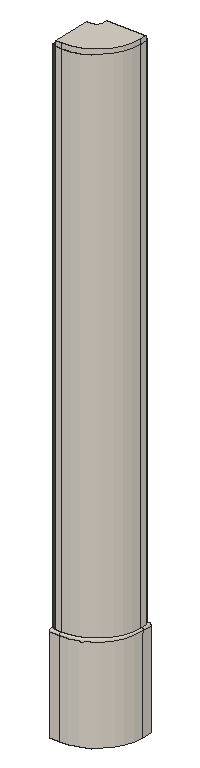
Revit family
Parameters (values of type "32"H 2-Way")
  URL = "http://www.hermanmiller.com/"
  Type Comments = ""
  Trim/Top Cap Finish [instance] = Herman Miller - Finish WL Sandstone
  Surface Finish [instance] = Herman Miller - Finish WL Sandstone
  Product Documentation Link = "http://www.hermanmiller.com/actionoffice/"
  OmniClass Title = "Systems Furniture"  # constant formula
  OmniClass Number = "23.40.70.14.64.21"  # constant formula
  Model = "A8220.32H"
  Manufacturer = "Herman Miller, Inc."  # constant formula
  Glide Height [instance] = 0' - 0 3/8"
  Keynote = ""
  Description = "Conn 2-Way 90 Deg Thin Base Hard 32H"
  Copyright © = "Copyright © Herman Miller, Inc."  # constant formula
  Connector Type = HermanMiller_ActionOffice_A8220_90ConnectorThinBase_2-Way : 32"H 2-Way
  Connector Thickness = 0' - 2"  # constant formula
  Connector Height = 2' - 8"
  Catalog = "Action Office System (HAO)"  # constant formula
  Cable Management Finish [instance] = Herman Miller - Finish WL Sandstone
  Assembly Code = "E2020200"
Reference planes (in)
  plane 1 "Center (Front/Back)": y = 0.32146
  plane 2 "Bottom": z = 0.375
  plane 3 "Wall Left": x = -0.75
  plane 4 "Wall Right": x = 1.25
  plane 5 "Wall Back": y = 1.32146
  plane 6 "Top": z = 32.375
  plane 7 "Base Face Top": z = 4.875
  plane 8 "Back": y = 2.07144
  plane 9 "Center Left/Right": x = 0.25
  plane 10 "Base Top": z = 5.375
  plane 11 "Left": x = -1.5
  plane 12 "Base Right": x = 1.75
  plane 13 "Wall Front": y = -0.67854
  plane 14 "Base Front": y = -1.17856
  plane 15 "Reveal Left": x = -0.6875
  plane 16 "Reveal Right": x = 1.1875
  plane 17 "Left Lip Inside Back": y = 1.25894
  plane 18 "Left Lip Inside Front": y = -0.61606
  plane 19 "Inside Back": x = -1.25
  plane 20 "Reveal Back Inset": y = 1.88394
  plane 21 "Reveal Left Inside": x = -0.999
  plane 22 "Reveal Back Inside": y = 1.57144
  plane 23 "Base Back": y = 1.82144
  plane 24 "Left Trim Lip": x = -1.3125
  plane 25 "Top Cap Bottom": z = 32.125
  plane 26 "Reveal Right Inside": x = 1.499
  plane 27 "Right": x = 2
  plane 28 "Reveal Front Inset": y = -1.24101
  plane 29 "Reveal Front Inside": y = -0.92851
  plane 30 "Front": y = -1.42851
Dimensions and locks (in)
  equal spacing: plane 5 "Wall Back", plane 1 "Center (Front/Back)", plane 13 "Wall Front"
  "Connector Thickness": plane 5 "Wall Back" to plane 13 "Wall Front"
  locked: plane 4 "Wall Right" to plane 12 "Base Right" at 0.5
  equal spacing: plane 3 "Wall Left", plane 9 "Center Left/Right", plane 4 "Wall Right"
  "Connector Thickness": plane 3 "Wall Left" to plane 4 "Wall Right"
  locked: plane 10 "Base Top" to plane 7 "Base Face Top" at 0.5
  plane 11 "Left" to plane 3 "Wall Left" = 0' - 0 3/4"
  locked: plane 10 "Base Top" to plane 2 "Bottom" at 5
  locked: plane 19 "Inside Back" to plane 3 "Wall Left" at 0.5
  locked: plane 3 "Wall Left" to plane 15 "Reveal Left" at 0.0625
  locked: plane 20 "Reveal Back Inset" to plane 8 "Back" at 0.1875
  plane 11 "Left" to plane 19 "Inside Back" = 0' - 0 1/4"
  locked: plane 5 "Wall Back" to plane 17 "Left Lip Inside Back" at 0.06253
  locked: plane 13 "Wall Front" to plane 18 "Left Lip Inside Front" at 0.06248
  locked: plane 16 "Reveal Right" to plane 4 "Wall Right" at 0.0625
  locked: plane 13 "Wall Front" to plane 14 "Base Front" at 0.50002
  locked: plane 5 "Wall Back" to plane 8 "Back" at 0.74998
  locked: plane 23 "Base Back" to plane 8 "Back" at 0.25
  locked: plane 24 "Left Trim Lip" to plane 19 "Inside Back" at 0.0625
  locked: plane 6 "Top" to plane 25 "Top Cap Bottom" at 0.25
  plane 7 "Base Face Top" to plane 10 "Base Top" = 0' - 0 1/2"
  "Connector Height": plane 6 "Top" to plane 2 "Bottom"
  locked: plane 21 "Reveal Left Inside" to plane 3 "Wall Left" at 0.249
  locked: plane 4 "Wall Right" to plane 26 "Reveal Right Inside" at 0.249
  "Glide Height": plane 2 "Bottom" to level
  locked: plane 13 "Wall Front" to plane 30 "Front" at 0.74998
  locked: plane 28 "Reveal Front Inset" to plane 14 "Base Front" at 0.06245
  locked: plane 29 "Reveal Front Inside" to plane 13 "Wall Front" at 0.24998
  aligned and locked: plane 6 "Top" to nested 1
  aligned and locked: plane 1 "Center (Front/Back)" to nested 1
  aligned and locked: plane 9 "Center Left/Right" to nested 1
Nested families (in)
  nested 1: "HermanMiller_ActionOffice_A8220_90ConnectorThinBase_2-Way" at (0, 0, 0), type <- "Connector Type", type "32"H 2-Way"
Definition of nested family "HermanMiller_ActionOffice_A8220_90ConnectorThinBase_2-Way"
  Parameters (values of type "32"H 2-Way")
    URL = "http://www.hermanmiller.com/"
    Type Comments = ""
    Trim/Top Cap Finish = Herman Miller - Finish WL Sandstone
    Surface Finish = Herman Miller - Finish WL Sandstone
    Product Documentation Link = "http://www.hermanmiller.com/actionoffice"
    OmniClass Title = "Systems Furniture"  # constant formula
    OmniClass Code = "23.40.70.14.64.21"  # constant formula
    Model = "A8220.32H"
    Manufacturer = "Herman Miller, Inc."  # constant formula
    Glide Height = 0' - 0 3/8"
    Keynote = ""
    Description = "Conn 2-Way 90 Deg Thin Base Hard 32H"
    Copyright © = "Copyright © Herman Miller, Inc."  # constant formula
    Connector Thickness = 0' - 2"  # constant formula
    Connector Height = 2' - 8"
    Catalog = "Action Office System (HAO)"  # constant formula
    Cable Management Finish = Herman Miller - Finish WL Sandstone
    Assembly Code = "E2020200"
  Reference planes (in)
    plane 1 "Center (Front/Back)": y = 0.32146
    plane 2 "Bottom": z = 0.375
    plane 3 "Wall Left": x = -0.75
    plane 4 "Wall Right": x = 1.25
    plane 5 "Wall Back": y = 1.32146
    plane 6 "Top": z = 32.375
    plane 7 "Base Face Top": z = 5.25
    plane 8 "Back": y = 2.07144
    plane 9 "Center Left/Right": x = 0.25
    plane 10 "Base Top": z = 5.375
    plane 11 "Left": x = -1.5
    plane 12 "Base Right": x = 1.375
    plane 13 "Front": y = -0.67854
    plane 14 "Base Front": y = -0.80356
    plane 15 "Reveal Left": x = -0.6875
    plane 16 "Reveal Right": x = 1.1875
    plane 17 "Left Lip Inside Back": y = 1.25894
    plane 18 "Left Lip Inside Front": y = -0.61606
    plane 19 "Inside Back": x = -0.875
    plane 20 "Reveal Back Inset": y = 1.88394
    plane 21 "Reveal Left Inside": x = -0.999
    plane 22 "Reveal Back Inside": y = 1.57144
    plane 23 "Inside Left": y = 1.44644
    plane 24 "Left Trim Lip": x = -1.3125
    plane 25 "Top Cap Bottom": z = 32.125
    plane 26 "Left Reveal Inset": x = -1.125
    plane 27 "Back Reveal Inset": y = 1.69644
  Forms (in)
    Extrusion 1, solid, material "Herman Miller - Finish BK Black", detail levels medium+fine
      sketch origin (0, 0, 0) x (1, 0, 0) y (0, 1, 0)
        loop
          line (-0.6875, 2.07144) -> (-0.6875, 1.69644) -> (1.1875, 1.69644) -> (1.1875, 2.07144) -> (-0.6875, 2.07144)
        loop
          line (-1.5, 1.25894) -> (-1.5, -0.61606) -> (-1.125, -0.61606) -> (-1.125, 1.25894) -> (-1.5, 1.25894)
      from 5.375 to 32.125
    Extrusion 2, solid, material "Herman Miller - Finish WL Sandstone" <- "Surface Finish"
      sketch origin (0, 0, 0) x (1, 0, 0) y (0, 1, 0)
        loop
          line (-1.3125, 1.32146) -> (-1.3125, 1.25894) -> (-1.125, 1.25894) -> (-1.125, -0.61606) -> (-1.3125, -0.61606) -> (-1.3125, -0.67854) -> (-0.999, -0.67854)
          arc (-0.999, -0.67854) -> (0.59128, -0.01982) -> (1.25, 1.57047) r 2.249
          line (1.25, 1.57047) -> (1.25, 1.88394) -> (1.1875, 1.88394) -> (1.1875, 1.69644) -> (-0.6875, 1.69644) -> (-0.6875, 1.88394) -> (-0.75, 1.88394) -> (-0.75, 1.57047)
          arc (-0.75, 1.57047) -> (-0.82293, 1.3944) -> (-0.999, 1.32146) r 0.249
          line (-0.999, 1.32146) -> (-1.3125, 1.32146)
      from 5.25 to 32.125
    Sweep 3, solid, material "Herman Miller - Finish WL Sandstone" <- "Cable Management Finish"
      path origin (0, 0, 0) x (1, 0, 0) y (0, 1, 0)
        loop
          line (-0.875, 2.07144) -> (-0.875, 1.57047)
          arc (-0.875, 1.57047) -> (-0.91132, 1.48278) -> (-0.999, 1.44646) r 0.124
          line (-0.999, 1.44646) -> (-1.5, 1.44646)
      profile origin (-0.875, 1.57047, 0) x (1, 0, 0) y (0, 0, 1)
        loop
          line (0, 0.375) -> (2.25, 0.375) -> (2.25, 5.25)
          arc (2.25, 5.25) -> (2.21339, 5.33839) -> (2.125, 5.375) r 0.125
          line (2.125, 5.375) -> (0.125, 5.375)
          arc (0.125, 5.375) -> (0.03661, 5.33839) -> (0, 5.25) r 0.125
          line (0, 5.25) -> (0, 0.375)
    Extrusion 4, solid, material "Herman Miller - Finish WL Sandstone" <- "Trim/Top Cap Finish", detail levels medium+fine
      sketch origin (0, 0, 0) x (1, 0, 0) y (0, 1, 0)
        loop
          line (-1.3125, 1.32146) -> (-1.3125, -0.67854) -> (-0.999, -0.67854)
          arc (-0.999, -0.67854) -> (0.59128, -0.01982) -> (1.25, 1.57047) r 2.249
          line (1.25, 1.57047) -> (1.25, 1.88394) -> (-0.75, 1.88394) -> (-0.75, 1.57047)
          arc (-0.75, 1.57047) -> (-0.82293, 1.3944) -> (-0.999, 1.32146) r 0.249
          line (-0.999, 1.32146) -> (-1.3125, 1.32146)
      from 32.125 to 32.375
  Lines and regions (in)
    Masking region 1
      outline origin (0.25, 0, 0) x (0, 0, -1) y (0, 1, 0)
        loop
          arc (-5.375, -0.67854) -> (-5.33839, -0.76692) -> (-5.25, -0.80356) r 0.125
          line (-5.25, -0.80356) -> (-0.375, -0.80356) -> (-0.375, 2.07144) -> (-32.375, 2.07144) -> (-32.375, -0.67854) -> (-5.375, -0.67854)
    Masking region 2, detail levels medium+fine
      outline origin (0, 0, 0) x (1, 0, 0) y (0, 1, 0)
        loop
          line (1.375, 2.07144) -> (-0.875, 2.07144) -> (-0.875, 1.57044)
          arc (-0.875, 1.57044) -> (-0.91132, 1.48276) -> (-0.999, 1.44644) r 0.124
          line (-0.999, 1.44644) -> (-1.5, 1.44644) -> (-1.5, -0.80356) -> (-0.999, -0.80356)
          arc (-0.999, -0.80356) -> (0.67967, -0.10723) -> (1.375, 1.57144) r 2.374
          line (1.375, 1.57144) -> (1.375, 2.07144)
    Masking region 3
      outline origin (0, 0, 0) x (1, 0, 0) y (0, 1, 0)
        loop
          line (-0.999, 1.32146) -> (-1.5, 1.32146) -> (-1.5, -0.67854) -> (-0.999, -0.67854)
          arc (-0.999, -0.67854) -> (0.59128, -0.01982) -> (1.25, 1.57047) r 2.249
          line (1.25, 1.57047) -> (1.25, 2.07144) -> (-0.75, 2.07144) -> (-0.75, 1.57047)
          arc (-0.75, 1.57047) -> (-0.82293, 1.3944) -> (-0.999, 1.32146) r 0.249
    Masking region 4, detail levels fine
      outline origin (0, 0, 0) x (1, 0, 0) y (0, 1, 0)
        loop
          line (-0.75, 1.88394) -> (1.25, 1.88394) -> (1.25, 2.07144) -> (-0.75, 2.07144) -> (-0.75, 1.88394)
        loop
          line (-1.5, 1.32146) -> (-1.5, -0.67854) -> (-1.3125, -0.67854) -> (-1.3125, 1.32146) -> (-1.5, 1.32146)
    Masking region 5
      outline origin (0, 0.32146, 0) x (1, 0, 0) y (0, 0, 1)
        loop
          line (-1.5, 32.375) -> (-1.5, 0.375) -> (1.375, 0.375) -> (1.375, 5.25)
          arc (1.375, 5.25) -> (1.33839, 5.33839) -> (1.25, 5.375) r 0.125
          line (1.25, 5.375) -> (1.25, 32.375) -> (-1.5, 32.375)
    symbolic lines, style "Connector", detail levels medium+fine
      curve 1: line (-0.75, 2.07144, 32.125) -> (-0.75, 2.07144, 5.375)
      curve 9: line (-1.5, 1.32146, 32.125) -> (-1.5, 1.32146, 5.375)
      curve 10: line (1.375, -0.67854, 5.375) -> (1.375, 2.07144, 5.375)
      curve 11: line (1.25, -0.67854, 5.375) -> (-1.5, -0.67854, 5.375)
      curve 12: line (-1.5, 2.07144, 5.375) -> (-1.5, 1.32146, 5.375)
      curve 15: line (-1.5, 2.07144, 5.375) -> (-0.75, 2.07144, 5.375)
      curve 18: line (-1.5, -0.67854, 32.125) -> (1.25, -0.67854, 32.125)
      curve 20: line (1.375, -0.67797, 32.125) -> (1.375, 2.07144, 32.125)
    symbolic lines, style "Connector", detail levels fine
      curve 2: line (-0.875, 2.07144, 0.375) -> (-0.875, 2.07144, 5.25)
      curve 3: line (-0.6875, 2.07144, 32.125) -> (-0.6875, 2.07144, 5.375)
      curve 4: line (1.1875, 2.07144, 5.375) -> (1.1875, 2.07144, 32.125)
      curve 5: line (-1.5, 1.88394, 32.125) -> (-1.5, 1.88394, 5.375)
      curve 6: line (-1.5, 1.44644, 0.375) -> (-1.5, 1.44644, 5.2475)
      curve 7: line (-1.5, 1.25894, 32.375) -> (-1.5, 1.25894, 5.375)
      curve 8: line (-1.5, -0.61606, 5.375) -> (-1.5, -0.61606, 32.375)
      curve 13: line (-1.3125, 2.07144, 32.125) -> (-1.3125, 2.07144, 5.375)
      curve 14: arc (-0.75, 2.07144, 5.375) -> (-0.83839, 2.07144, 5.33839) -> (-0.875, 2.07144, 5.25) r 0.125
      curve 16: line (-1.5, -0.61606, 32.125) -> (-1.5, -0.67854, 32.125)
      curve 17: line (1.1875, 2.07144, 32.125) -> (1.25, 2.07144, 32.125)
      curve 19: line (-0.75, 0.32146, 32.125) -> (-0.6875, 0.32146, 32.125)
      curve 21: line (1.375, 1.25894, 32.125) -> (1.375, 1.32146, 32.125)
      curve 22: arc (-1.5, 1.32146, 5.375) -> (-1.5, 1.41073, 5.3375) -> (-1.5, 1.44644, 5.2475) r 0.125
  Dimensions and locks (in)
    equal spacing: plane 5 "Wall Back", plane 1 "Center (Front/Back)", plane 13 "Front"
    "Connector Thickness": plane 5 "Wall Back" to plane 13 "Front"
    equal spacing: plane 3 "Wall Left", plane 9 "Center Left/Right", plane 4 "Wall Right"
    "Connector Thickness": plane 3 "Wall Left" to plane 4 "Wall Right"
    plane 11 "Left" to plane 3 "Wall Left" = 0' - 0 3/4"
    plane 10 "Base Top" to plane 2 "Bottom" = 0' - 5"
    locked: plane 3 "Wall Left" to plane 15 "Reveal Left" at 0.0625
    locked: plane 20 "Reveal Back Inset" to plane 8 "Back" at 0.1875
    locked: plane 5 "Wall Back" to plane 17 "Left Lip Inside Back" at 0.06253
    locked: plane 13 "Front" to plane 18 "Left Lip Inside Front" at 0.06248
    locked: plane 16 "Reveal Right" to plane 4 "Wall Right" at 0.0625
    locked: plane 5 "Wall Back" to plane 8 "Back" at 0.74998
    locked: plane 6 "Top" to plane 25 "Top Cap Bottom" at 0.25
    plane 7 "Base Face Top" to plane 10 "Base Top" = 0' - 0 1/8"
    "Connector Height": plane 6 "Top" to plane 2 "Bottom"
    "Glide Height": plane 2 "Bottom" to level
    plane 11 "Left" to plane 24 "Left Trim Lip" = 0' - 0 3/16"  (x2)
    locked: plane 8 "Back" to plane 22 "Reveal Back Inside" at 0.5
    plane 21 "Reveal Left Inside" to plane 3 "Wall Left" = 0' - 0.249"
    locked: plane 19 "Inside Back" to plane 3 "Wall Left" at 0.125
    locked: plane 4 "Wall Right" to plane 12 "Base Right" at 0.125
    locked: plane 13 "Front" to plane 14 "Base Front" at 0.12502
    locked: plane 23 "Inside Left" to plane 5 "Wall Back" at 0.12498
    locked: plane 11 "Left" to plane 26 "Left Reveal Inset" at 0.375
    locked: plane 27 "Back Reveal Inset" to plane 8 "Back" at 0.375
    aligned and locked: plane 2 "Bottom" to Masking region 1
    aligned and locked: curve 1 to plane 3 "Wall Left"
    aligned and locked: plane 4 "Wall Right" to curve 11
    aligned and locked: Masking region 1 sketch curve to plane 6 "Top"
    aligned and locked: plane 10 "Base Top" to curve 3
    aligned and locked: plane 19 "Inside Back" to curve 14
    aligned and locked: curve 11 to plane 10 "Base Top"
    aligned and locked: plane 10 "Base Top" to curve 14
    aligned and locked: curve 15 to plane 10 "Base Top"
    aligned and locked: plane 10 "Base Top" to curve 4
    aligned and locked: plane 19 "Inside Back" to curve 2
    aligned and locked: plane 4 "Wall Right" to curve 17
    aligned and locked: plane 2 "Bottom" to curve 6
    aligned and locked: plane 13 "Front" to curve 16
    aligned and locked: plane 6 "Top" to curve 8
    aligned and locked: plane 6 "Top" to curve 7
    aligned and locked: curve 18 to curve 17
    aligned and locked: curve 19 to curve 1
    aligned and locked: curve 18 to curve 19
    aligned and locked: curve 21 to plane 25 "Top Cap Bottom"
    aligned and locked: plane 25 "Top Cap Bottom" to curve 20
    aligned and locked: Masking region 1 to plane 6 "Top"
    aligned and locked: plane 5 "Wall Back" to curve 9
    aligned and locked: plane 25 "Top Cap Bottom" to curve 9
    aligned and locked: plane 25 "Top Cap Bottom" to curve 5
    aligned and locked: plane 6 "Top" to Masking region 1
    aligned and locked: plane 10 "Base Top" to curve 10
    aligned and locked: curve 6 to plane 23 "Inside Left"
    aligned and locked: plane 14 "Base Front" to Masking region 1 sketch curve
    aligned and locked: plane 13 "Front" to Masking region 1
    aligned and locked: curve 3 to plane 15 "Reveal Left"
    aligned and locked: Extrusion 1 sketch curve to plane 15 "Reveal Left"
    aligned and locked: plane 16 "Reveal Right" to Extrusion 1 sketch curve
    aligned and locked: Extrusion 1 sketch curve to plane 27 "Back Reveal Inset"
    aligned and locked: Extrusion 1 sketch curve to plane 8 "Back"
    aligned and locked: Extrusion 1 sketch curve to plane 17 "Left Lip Inside Back"
    aligned and locked: plane 18 "Left Lip Inside Front" to Extrusion 1 sketch curve
    aligned and locked: plane 11 "Left" to Extrusion 1 sketch curve
    aligned and locked: Extrusion 1 sketch curve to plane 26 "Left Reveal Inset"
    aligned and locked: plane 25 "Top Cap Bottom" to Extrusion 1
    aligned and locked: Extrusion 2 sketch curve to plane 5 "Wall Back"
    aligned and locked: Extrusion 2 sketch curve to plane 17 "Left Lip Inside Back"
    aligned and locked: Extrusion 2 sketch curve to plane 24 "Left Trim Lip"  (x2)
    aligned and locked: plane 13 "Front" to Extrusion 2 sketch curve
    aligned and locked: plane 18 "Left Lip Inside Front" to Extrusion 2 sketch curve
    aligned and locked: Extrusion 2 sketch curve to plane 26 "Left Reveal Inset"
    aligned and locked: Extrusion 2 sketch curve to plane 3 "Wall Left"
    aligned and locked: Extrusion 2 sketch curve to plane 15 "Reveal Left"
    aligned and locked: plane 16 "Reveal Right" to Extrusion 2 sketch curve
    aligned and locked: Extrusion 2 sketch curve to plane 4 "Wall Right"
    aligned and locked: Extrusion 2 sketch curve to plane 20 "Reveal Back Inset"  (x2)
    aligned and locked: Extrusion 2 sketch curve to plane 27 "Back Reveal Inset"
    aligned and locked: plane 21 "Reveal Left Inside" to Extrusion 2 sketch curve  (x2)
    aligned and locked: plane 3 "Wall Left" to Extrusion 2 sketch curve
    aligned and locked: plane 5 "Wall Back" to Extrusion 2 sketch curve
    aligned and locked: plane 4 "Wall Right" to Extrusion 2 sketch curve
    aligned and locked: Extrusion 2 to plane 7 "Base Face Top"
    aligned and locked: plane 25 "Top Cap Bottom" to Extrusion 2
    aligned and locked: Sweep 3 sketch curve to plane 2 "Bottom"
    aligned and locked: Extrusion 4 sketch curve to plane 24 "Left Trim Lip"
    aligned and locked: Extrusion 4 sketch curve to plane 20 "Reveal Back Inset"
    aligned and locked: Extrusion 4 sketch curve to Extrusion 2  (x4)
    aligned and locked: Extrusion 4 to plane 25 "Top Cap Bottom"
    aligned and locked: plane 6 "Top" to Extrusion 4
    aligned and locked: plane 11 "Left" to Masking region 2 sketch curve
    aligned and locked: Masking region 2 sketch curve to plane 12 "Base Right"
    aligned and locked: plane 4 "Wall Right" to Masking region 3 sketch curve
    aligned and locked: Masking region 4 sketch curve to plane 20 "Reveal Back Inset"
    aligned and locked: Masking region 4 sketch curve to plane 8 "Back"
    aligned and locked: plane 11 "Left" to Masking region 4 sketch curve
    aligned and locked: Masking region 4 sketch curve to plane 24 "Left Trim Lip"
    aligned and locked: Masking region 5 sketch curve to plane 6 "Top"
    aligned and locked: plane 11 "Left" to Masking region 5 sketch curve
    aligned and locked: Masking region 5 sketch curve to plane 12 "Base Right"
    aligned and locked: Masking region 5 sketch curve to plane 4 "Wall Right"
    aligned and locked: plane 7 "Base Face Top" to Masking region 5 sketch curve
    aligned and locked: plane 4 "Wall Right" to Masking region 5 sketch curve
    aligned and locked: Masking region 5 sketch curve to plane 2 "Bottom"
    aligned and locked: plane 10 "Base Top" to curve 8
    aligned and locked: plane 10 "Base Top" to curve 7
    aligned and locked: plane 25 "Top Cap Bottom" to curve 3
    aligned and locked: plane 25 "Top Cap Bottom" to curve 4
    aligned and locked: Masking region 3 sketch curve to Extrusion 4
    aligned and locked: Sweep 3 sketch curve to plane 12 "Base Right"
    aligned and locked: plane 12 "Base Right" to Sweep 3 sketch curve
    aligned and locked: plane 19 "Inside Back" to Sweep 3 sketch curve
    aligned and locked: plane 7 "Base Face Top" to Sweep 3 sketch curve
    aligned and locked: Sweep 3 sketch curve to plane 19 "Inside Back"
    aligned and locked: Masking region 2 sketch curve to plane 19 "Inside Back"
    aligned and locked: plane 23 "Inside Left" to Masking region 2 sketch curve
    aligned and locked: plane 21 "Reveal Left Inside" to Masking region 2 sketch curve
    aligned and locked: plane 22 "Reveal Back Inside" to Masking region 2 sketch curve
    aligned and locked: plane 19 "Inside Back" to Masking region 2 sketch curve
    aligned and locked: Extrusion 1 to plane 10 "Base Top"
    aligned and locked: Masking region 4 sketch curve to plane 5 "Wall Back"
    aligned and locked: Masking region 4 sketch curve to plane 13 "Front"
    aligned and locked: Masking region 4 sketch curve to plane 3 "Wall Left"
    aligned and locked: Masking region 4 sketch curve to plane 4 "Wall Right"
  Automatic sketch dimensions
    curve 19 to plane 15 "Reveal Left" = 0' - 0"
    curve 16 to plane 18 "Left Lip Inside Front" = 0' - 0"
    curve 16 to plane 25 "Top Cap Bottom" = 0' - 0"
    curve 5 to plane 20 "Reveal Back Inset" = 0' - 0"
    Masking region 1 sketch curve to plane 2 "Bottom" = 0' - 0"
    Masking region 1 sketch curve to plane 8 "Back" = 0' - 0"
    curve 12 to plane 8 "Back" = 0' - 0"
    curve 7 to plane 17 "Left Lip Inside Back" = 0' - 0"
    Masking region 1 sketch curve to Masking region 1 sketch curve = 0' - 0 1/8"
    curve 2 to plane 2 "Bottom" = 0' - 0"
    curve 4 to plane 16 "Reveal Right" = 0' - 0"
    curve 13 to plane 24 "Left Trim Lip" = 0' - 0"
    curve 15 to plane 11 "Left" = 0' - 0"
    Masking region 3 sketch curve to plane 11 "Left" = 0' - 0"
    Masking region 3 sketch curve to plane 8 "Back" = 0' - 0"
    curve 13 to plane 25 "Top Cap Bottom" = 0' - 0"
    curve 1 to plane 25 "Top Cap Bottom" = 0' - 0"
    curve 18 to plane 4 "Wall Right" = 0' - 0"
    curve 18 to plane 11 "Left" = 0' - 0"
    curve 11 to plane 11 "Left" = 0' - 0"
    curve 10 to plane 13 "Front" = 0' - 0"
    curve 21 to plane 17 "Left Lip Inside Back" = 0' - 0"
    curve 21 to plane 5 "Wall Back" = 0' - 0"
    curve 20 to plane 8 "Back" = 0' - 0"
    curve 10 to plane 8 "Back" = 0' - 0"
    plane 13 "Front" to curve 20 = 0' - 0.00057"
    curve 22 to plane 10 "Base Top" = 0' - 0"
    curve 22 to plane 7 "Base Face Top" = 0' - 0"
    Masking region 1 sketch curve to plane 10 "Base Top" = 0' - 0"
    Masking region 1 sketch curve to plane 7 "Base Face Top" = 0' - 0"
    Masking region 1 sketch curve to plane 13 "Front" = 0' - 0"
    Sweep 3 sketch curve to plane 11 "Left" = 0' - 0"
    Sweep 3 sketch curve to plane 21 "Reveal Left Inside" = 0' - 0"
    Sweep 3 sketch curve to plane 8 "Back" = 0' - 0"
    Sweep 3 sketch curve to plane 19 "Inside Back" = 0' - 0"
    Sweep 3 sketch curve to plane 22 "Reveal Back Inside" = 0' - 0.00097"
    Sweep 3 sketch curve to Sweep 3 sketch curve = 0' - 0 1/8"
    Sweep 3 sketch curve to Sweep 3 sketch curve = 0' - 0"
    Masking region 2 sketch curve to plane 21 "Reveal Left Inside" = 0' - 0"
    Masking region 2 sketch curve to plane 8 "Back" = 0' - 0"
    plane 24 "Left Trim Lip" to Masking region 2 sketch curve = 0' - 0.3135"
    Masking region 2 sketch curve to plane 14 "Base Front" = 0' - 0"
    Masking region 3 sketch curve to plane 13 "Front" = 0' - 0"
    Masking region 3 sketch curve to Masking region 3 sketch curve = 0' - 0"
